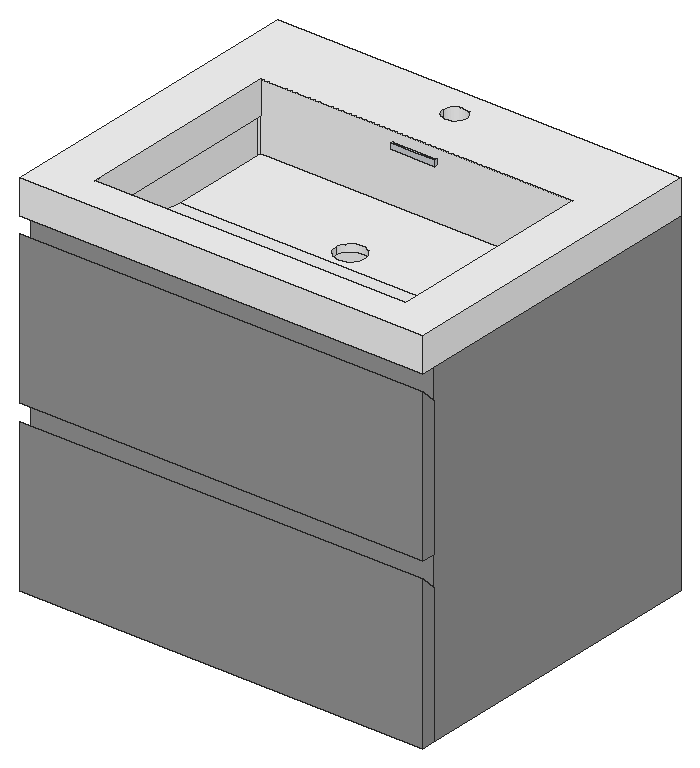
Revit family "CITY 600 MAPLE GRAY", category Furniture, Revit 2019
Family settings
  OmniClass Number = 23.40.20.00
  OmniClass Title = General Furniture and Specialties
  Work Plane-Based = No
  Always vertical = Yes
  Cut with Voids When Loaded = No
  Shared = No
  Room Calculation Point = No
Parameters
  MATERIAL MUEBLE = MAPLE GREY MUEBLE CITY
  LARGO MUEBLE = 700 mm
  ANCHO MUEBLE = 480 mm
Reference planes
  plane 1 "Center (Front/Back)": y = 0
  plane 2: z = 0
  plane 3 "Center (Left/Right)": x = 0
  plane 4: x = 350
  plane 5: x = -350
  plane 6: y = 240
  plane 7: y = -240
  plane 8: z = 350
  plane 9: z = 600
Forms (mm)
  Extrusion 1, solid, material "MAPLE GREY MUEBLE CITY" <- "MATERIAL MUEBLE"
    sketch origin (-147, 236, 0) x (1, 0, 0) y (0, 1, 0)
      loop
        line (-153, 4) -> (-153, -456) -> (447, -456) -> (447, 4) -> (-153, 4)
    from 350 to 850
  Extrusion 2, solid, material "BLANCO"
    sketch origin (0, 0, 0) x (1, 0, 0) y (0, 1, 0)
      loop
        line (-300, 240) -> (-300, -240) -> (300, -240) -> (300, 240) -> (-300, 240)
      loop
        line (-228.802, 120) -> (-228.802, -190) -> (235.319, -190) -> (235.319, 120) -> (-228.802, 120)
    from 850 to 900
  Extrusion 3, solid, material "MAPLE GREY MUEBLE CITY" <- "MATERIAL MUEBLE"
    sketch origin (0, 0, 0) x (0, 1, 0) y (0, 0, 1)
      loop
        line (-220, 350) -> (-220, 555.536) -> (-240, 575.536) -> (-240, 350) -> (-220, 350)
    from -300 to 300
  Extrusion 4, solid, material "MAPLE GREY MUEBLE CITY" <- "MATERIAL MUEBLE"
    sketch origin (0, 0, 250) x (0, 1, 0) y (0, 0, 1)
      loop
        line (-220, 350) -> (-220, 555.536) -> (-240, 575.536) -> (-240, 350) -> (-220, 350)
    from -300 to 300
  Extrusion 5, void
    sketch origin (0, 0, 0) x (1, 0, 0) y (0, 1, 0)
      loop
        line (-260, 150) -> (-260, -206.975) -> (261.08, -206.975) -> (261.08, 150) -> (-260, 150)
    from 400 to 950
  Extrusion 6, solid, material "BLANCO"
    sketch origin (0, 0, 0) x (0, 1, 0) y (0, 0, 1)
      loop
        line (120, 850) -> (120, 800) -> (-30, 800)
        arc (-30, 800) -> (-113.815, 812.791) -> (-190, 850) r 281
        line (-190, 850) -> (-206.975, 850)
        arc (-206.975, 850) -> (-123.434, 805.408) -> (-30, 790) r 291
        line (-30, 790) -> (130, 790) -> (130, 850) -> (120, 850)
    from -228.802 to 235.319
  Extrusion 7, void
    sketch origin (0, 0, 0) x (1, 0, 0) y (0, 1, 0)
      loop
        circle (0, 195) r 17.5
      loop
        circle (0, 0) r 22
    from 600 to 900
  Extrusion 8, solid
    sketch origin (0, 0, 0) x (1, 0, 0) y (0, 0, 1)
      loop
        line (2.505, 884.404) -> (-32.495, 884.404) -> (-32.495, 876.291) -> (32.505, 876.291) -> (32.505, 884.404) -> (2.505, 884.404)
    from -120 to -116.101
Cuts and joins
  Extrusion 5 cuts Extrusion 1
  Extrusion 7 cuts Extrusion 2
  Extrusion 7 cuts Extrusion 6
  joined: Extrusion 2, Extrusion 6
Dimensions and locks
  locked: Extrusion 1 to plane 7 at 20
  "ANCHO MUEBLE": plane 6 to plane 7
  "LARGO MUEBLE": plane 5 to plane 4
  equal spacing: plane 5, plane 3 "Center (Left/Right)", plane 4
  plane 9 to plane 8 to level = 250 mm, 350 mm
  locked: Extrusion 3 to Extrusion 3 at 225.536
  locked: Extrusion 4 to Extrusion 4 at 225.536
  aligned and locked: level to plane 2
  aligned and locked: plane 6 to Extrusion 1  (x2)
  aligned and locked: Extrusion 1 to Extrusion 2
  aligned and locked: plane 8 to Extrusion 1
  aligned and locked: Extrusion 3 to plane 8
  aligned and locked: Extrusion 4 to plane 9
Automatic sketch dimensions
  plane 5 to Extrusion 1 sketch curve = 0 mm
  Extrusion 1 sketch curve to plane 4 = 50 mm
  Extrusion 1 sketch curve to plane 6 = 0 mm
  plane 7 to Extrusion 1 sketch curve = 20 mm
  plane 5 to Extrusion 2 sketch curve = 50 mm
  Extrusion 2 sketch curve to plane 4 = 50 mm
  Extrusion 2 sketch curve to plane 7 = 0 mm
  Extrusion 2 sketch curve to plane 6 = 0 mm
  plane 5 to Extrusion 2 sketch curve = 121.198 mm
  Extrusion 2 sketch curve to plane 4 = 114.681 mm
  plane 7 to Extrusion 2 sketch curve = 50 mm
  Extrusion 2 sketch curve to plane 1 "Center (Front/Back)" = 120 mm
  Extrusion 3 sketch curve to plane 7 = 0 mm
  Extrusion 3 sketch curve to plane 8 = 0 mm
  plane 7 to Extrusion 3 sketch curve = 20 mm
  Extrusion 3 sketch curve to plane 9 = 44.464 mm
  Extrusion 3 sketch curve to plane 9 = 24.464 mm
  Extrusion 4 sketch curve to plane 7 = 0 mm
  Extrusion 4 sketch curve to plane 9 = 0 mm
  plane 7 to Extrusion 4 sketch curve = 20 mm
  Extrusion 4 sketch curve to Extrusion 4 sketch curve = 205.536 mm
  Extrusion 4 sketch curve to Extrusion 4 sketch curve = 20 mm
  plane 5 to Extrusion 5 sketch curve = 90 mm
  Extrusion 5 sketch curve to plane 4 = 88.92 mm
  plane 7 to Extrusion 5 sketch curve = 33.025 mm
  Extrusion 5 sketch curve to plane 6 = 90 mm
  Extrusion 6 sketch curve to Extrusion 6 sketch curve = 0 mm  (x2)
  plane 7 to Extrusion 6 sketch curve = 33.025 mm
  Extrusion 6 sketch curve to Extrusion 6 sketch curve = 16.975 mm
  plane 1 "Center (Front/Back)" to Extrusion 6 sketch curve = 30 mm
  Extrusion 6 sketch curve to plane 1 "Center (Front/Back)" = 120 mm
  Extrusion 6 sketch curve to Extrusion 6 sketch curve = 10 mm  (x2)
  plane 9 to Extrusion 6 sketch curve = 190 mm
  Extrusion 6 sketch curve to Extrusion 6 sketch curve = 50 mm
  Extrusion 7 sketch curve to plane 3 "Center (Left/Right)" = 0 mm  (x2)
  plane 1 "Center (Front/Back)" to Extrusion 7 sketch curve = 0 mm
  Extrusion 7 sketch curve to plane 6 = 45 mm
  Extrusion 8 sketch curve to plane 3 "Center (Left/Right)" = 32.495 mm
  plane 3 "Center (Left/Right)" to Extrusion 8 sketch curve = 32.505 mm
  plane 9 to Extrusion 8 sketch curve = 276.291 mm
  plane 3 "Center (Left/Right)" to Extrusion 8 sketch curve = 2.505 mm
  Extrusion 8 sketch curve to Extrusion 8 sketch curve = 8.113 mm
  radius of Extrusion 7 sketch curve = 17.5 mm
  radius of Extrusion 7 sketch curve = 22 mm
